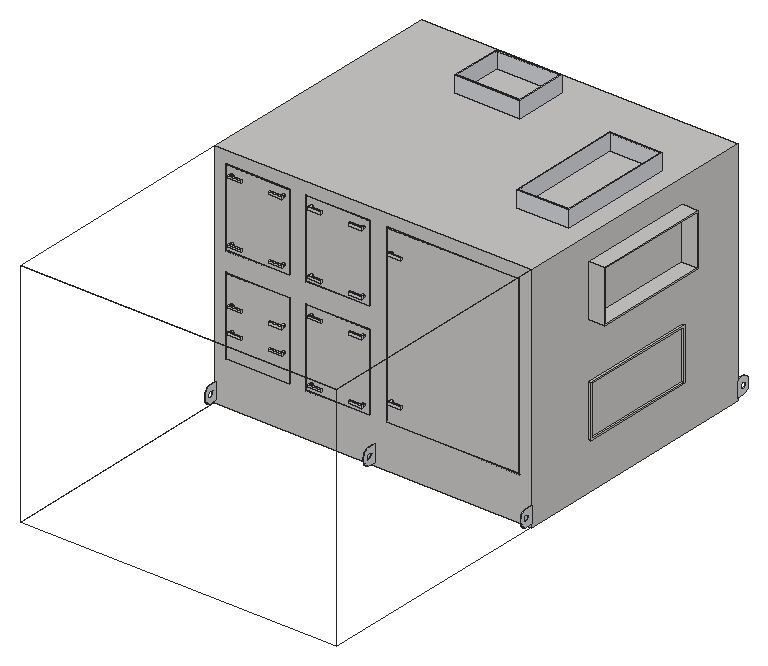
Revit family "DN-3IN-EC-2FP", category Mechanical Equipment, Revit 2019
Family settings
  Round Connector Dimension = Use Diameter
  Part Type = Normal
  OmniClass Number = 23.75.00.00
  OmniClass Title = Climate Control (HVAC)
  Work Plane-Based = No
  Always vertical = Yes
  Cut with Voids When Loaded = No
  Shared = No
  Room Calculation Point = No
Parameters (values of type "2 @ 2.70 kW ea.")
  Voltage [instance] = "200-240 V"
  Unit Weight Range (lbs) [instance] = "2300-2850 lbs."
  Max. Shipping Weight (lbs) [instance] = "2525-3075 lbs."
  Unit Dimensions (L x W x H) [instance] = "101-1/2\" x 86-5/8\" x 71-7/8\""
  Shipping Dimensions (L x W x H) [instance] = "120\" x 90\" x 77\""
  Unit [instance] = Renewaire - Galvanized Steel
  URL = "www.renewaire.com"
  Typical Airflow Range = "750-3,300 CFM"
  Standard Features [instance] = "EC Motors for both airstreams, Direct drive backward inclined plenum, Higher ESP of up to 2.5\" w.g. at 3,000 CFM, Integrated programmable controls, True 100% face and bypass enthalpy based modulating economizer, Class 1 low leakage motorized isolation dampers, Stainless steel double-sloped drain pan with cooling option, 1\" Double wall foam injected 20 gauge galvanized panel construction with R6.5 insulation"
  Service Area Visibility [instance] = yes
  Service Area Box [instance] = Renewaire - Interference
  Revit Object Download Link [instance] = ""
  Phase [instance] = "Three"
  Options [instance] = "DX, heat pump, or chilled water cooling coil, Modulating hot gas reheat, Steam or hot water coil, Onboard variable frequency drives (VFDs) - both airstreams, Fused disconnect, Spring isolators (VFDs only), 2\" Double wall foam injected 20 gauge galvanized panel construction with R13 insulation, Exterior paint - grey, white, custom color, BACNET factory activation, GFCI convenience outlet, Recirculation damper, Drain overflow switch, Electrofin coating for coils"
  Number Motors [instance] = "Qty. 2, Direct drive motorized impeller packages"
  Model = "DN-3IN-2FP-EC"
  Minimum Circuit Amps [instance] = "19.4 A"
  Maximum Overcurrent Protection [instance] = "25 A"
  Manufacturer = "Renewaire LLC"
  Inlets/Outlets [instance] = "OA & RA Inlets: 36\" x 16\", SA Outlet: 24\" x 16\", EA Outlet: 20\" x 16\""
  Frequency [instance] = "50/60 Hz"
  Filters [instance] = "Total qty. 6, MERV 8: 20\" x 20\" x 2\""
  FLA per Motor [instance] = "8.6-7.2"
  Energy Recovery Type [instance] = "Static plate total energy transfer"
  Description = "Energy Recovery Ventilator"
  Accessories [instance] = "Filters - MERV 13, 2\"  and 4\" (shipped loose), MERV 14, 2\" and 4\" (shipped loose), Additional filters available upon request, Duct mounted electric pre-heater (separately powered), Carbon dioxide sensor/control - wall mount (CO2-W), duct mount (CO2-D), IAQ sensor - wall mount (IAQ-W), duct mount (IAQ-D), Motion occupancy sensor/control - ceiling mount (MC-C), wall mount (MC-W), Smoke detector, Room temperature and humidity sensor, Duct static pressure sensor with display to 10\", without display 0-2\", Room pressure sensor with display to 1\", without display 0-1\", Waterless trap negative pressure, Waterless trap positive pressure, Remote display"
  AHRI 1060 Certified Core [instance] = "Three L-125-G5"
Types (6): name | Voltage | Minimum Circuit Amps | Maximum Overcurrent Protection | FLA per Motor
  (no name) | "200-240 V" | "19.4 A" | "25 A" | "8.6-7.2"
  2 @ 2.70 kW ea. | "200-240 V" | "19.4 A" | "25 A" | "8.6-7.2"
  2 @ 3.70 kW ea. | "380-480 V" | "13.5 A" | "15 A" | "6.0-4.6"
  2 @ 5HP ea. 208-230V | "208-230 V" | "31.3 A" | "45 A" | "13.9-13.4/6.7"
  2 @ 5HP ea. 460V | "460V" | "15.1 A" | "20 A" | "6.7"
  2 @ 5HP ea. 575V | "575V" | "11.9 A" | "15 A" | "5.3"
Reference planes (in)
  plane 1 "Center (Front/Back)": y = 0
  plane 2: z = 0
  plane 3 "Center (Left/Right)": x = 0
  plane 4: y = -39.6875
  plane 5: x = -26.5
Forms (in)
  Extrusion 1, solid, material "Renewaire - Galvanized Steel" <- "Unit"
    sketch origin (0, 0, 0) x (0, 1, 0) y (0, 0, 1)
      loop
        line (38.6875, 70.875) -> (-40.6875, 70.875) -> (-40.6875, 0) -> (38.6875, 0) -> (38.6875, 70.875)
    from 70.875 to -26.5
  Extrusion 2, void
    sketch origin (0, 0, 0) x (1, 0, 0) y (0, 0, 1)
      loop
        line (-3.23221, 67.32399) -> (-23.2322, 67.32399) -> (-23.2322, 43.32172) -> (-3.23221, 43.32172) -> (-3.23221, 67.32399)
      loop
        line (21.2974, 67.32399) -> (1.2974, 67.32399) -> (1.2974, 43.32172) -> (21.2974, 43.32172) -> (21.2974, 67.32399)
      loop
        line (67.20649, 67.32399) -> (26.2065, 67.32399) -> (26.2065, 13.32173) -> (67.20649, 13.32173) -> (67.20649, 67.32399)
      loop
        line (-3.23221, 37.32286) -> (-23.2322, 37.32286) -> (-23.2322, 13.3206) -> (-3.23221, 13.3206) -> (-3.23221, 37.32286)
      loop
        line (21.2974, 37.32286) -> (1.2974, 37.32286) -> (1.2974, 13.3206) -> (21.2974, 13.3206) -> (21.2974, 37.32286)
    from 41.6875 to 39.6875
  Extrusion 3, solid, material "Renewaire - Galvanized Steel" <- "Unit"
    sketch origin (0, -1.04504, 1.25231) x (0, 1, 0) y (0, 0, 1)
      loop
        line (12.02253, 30.88417) -> (-11.97747, 30.88417) -> (-11.97747, 14.88417) -> (12.02253, 14.88417) -> (12.02253, 30.88417)
      loop
        line (11.77253, 30.63417) -> (-11.72747, 30.63417) -> (-11.72747, 15.13417) -> (11.77253, 15.13417) -> (11.77253, 30.63417)
    from -26.5 to -27.5
  Extrusion 4, solid, material "Renewaire - Galvanized Steel" <- "Unit"
    sketch origin (0, -1.04504, 3) x (0, 1, 0) y (0, 0, 1)
      loop
        line (-17.97746, 27.82167) -> (-17.97746, 11.82167) -> (18.02254, 11.82167) -> (18.02254, 27.82167) -> (-17.97746, 27.82167)
      loop
        line (-17.72746, 27.57167) -> (-17.72746, 12.07167) -> (17.77254, 12.07167) -> (17.77254, 27.57167) -> (-17.72746, 27.57167)
    from 71.875 to 70.875
  Extrusion 5, solid, material "Renewaire - Galvanized Steel" <- "Unit"
    sketch origin (0, -1.04504, 2) x (0, 1, 0) y (0, 0, 1)
      loop
        line (-17.97746, 61.86166) -> (-17.97746, 45.86166) -> (18.02254, 45.86166) -> (18.02254, 61.86166) -> (-17.97746, 61.86166)
      loop
        line (-17.72746, 61.61166) -> (-17.72746, 46.11166) -> (17.77254, 46.11166) -> (17.77254, 61.61166) -> (-17.72746, 61.61166)
    from 76 to 70.875
  Extrusion 6, solid, material "Renewaire - Galvanized Steel" <- "Unit"
    sketch origin (-0.94821, 0, 2.00006) x (1, 0, 0) y (0, 0, 1)
      loop
        line (22.23876, 61.82394) -> (2.23875, 61.82394) -> (2.23875, 45.82395) -> (22.23876, 45.82395) -> (22.23876, 61.82394)
      loop
        line (21.98876, 61.57394) -> (2.48875, 61.57394) -> (2.48875, 46.07395) -> (21.98876, 46.07395) -> (21.98876, 61.57394)
    from -38.6875 to -43.6875
  Extrusion 7, void
    sketch origin (0, 0, 0) x (1, 0, 0) y (0, 1, 0)
      loop
        line (-24.5, 36.6875) -> (-24.5, -38.6875) -> (68.875, -38.6875) -> (68.875, 36.6875) -> (-24.5, 36.6875)
    from -1 to 6
  Extrusion 8, void
    sketch origin (0, 0, 0) x (1, 0, 0) y (0, 1, 0)
      loop
        line (64.82319, 17.02251) -> (48.8232, 17.02251) -> (48.8232, -18.97749) -> (64.82319, -18.97749) -> (64.82319, 17.02251)
      loop
        line (-2.4055, 11.02929) -> (-18.4055, 11.02929) -> (-18.4055, -12.97071) -> (-2.4055, -12.97071) -> (-2.4055, 11.02929)
    from 4 to 6.125
  Extrusion 9, solid, material "Renewaire - Interference" <- "Service Area Box"
    sketch origin (0, 0, 0) x (1, 0, 0) y (0, 1, 0)
      loop
        line (-26.5, -40.6875) -> (-26.5, -115.6875) -> (70.875, -115.6875) -> (70.875, -40.6875) -> (-26.5, -40.6875)
    from 0 to 70.875
  Extrusion 10, solid
    sketch origin (0, 0, 0) x (1, 0, 0) y (0, 1, 0)
      loop
        line (2.27522, 15.62747) -> (22.2752, 15.62747) -> (22.2752, 31.62747) -> (2.27522, 31.62747) -> (2.27522, 15.62747)
      loop
        line (2.52522, 31.37747) -> (2.52522, 15.87747) -> (22.0252, 15.87747) -> (22.0252, 31.37747) -> (2.52522, 31.37747)
    from 70.875 to 75.875
  Extrusion 11, solid
    sketch origin (0, 0, 0) x (1, 0, 0) y (0, 1, 0)
      loop
        line (48.8232, 17.02251) -> (48.8232, -18.97749) -> (64.87498, -18.97749) -> (64.87498, 17.02251) -> (48.8232, 17.02251)
      loop
        line (49.0732, 16.77251) -> (49.0732, -18.72749) -> (64.62498, -18.72749) -> (64.62498, 16.77251) -> (49.0732, 16.77251)
    from 70.875 to 75.875
  Extrusion 12, solid, material "Renewaire - Galvanized Steel" <- "Unit"
    sketch origin (0, 0, 0) x (1, 0, 0) y (0, 0, 1)
      loop
        line (-22.9822, 67.07399) -> (-22.9822, 43.57172) -> (-3.48221, 43.57172) -> (-3.48221, 67.07399) -> (-22.9822, 67.07399)
      loop
        line (1.5474, 67.07399) -> (1.5474, 43.57172) -> (21.0474, 43.57172) -> (21.0474, 67.07399) -> (1.5474, 67.07399)
      loop
        line (-22.9822, 37.07286) -> (-22.9822, 13.5706) -> (-3.48221, 13.5706) -> (-3.48221, 37.07286) -> (-22.9822, 37.07286)
      loop
        line (1.5474, 37.07286) -> (1.5474, 13.5706) -> (21.0474, 13.5706) -> (21.0474, 37.07286) -> (1.5474, 37.07286)
      loop
        line (26.4565, 67.07399) -> (26.4565, 13.57173) -> (66.95649, 13.57173) -> (66.95649, 67.07399) -> (26.4565, 67.07399)
    from 39.6875 to 40.6875
Cuts and joins
  Extrusion 2, Extrusion 7, Extrusion 8 cuts Extrusion 1
Dimensions and locks (in)
  aligned and locked: level to plane 2
  aligned and locked: Extrusion 5 to cut or joined group of Extrusion 1, Extrusion 2, Extrusion 7, Extrusion 8
  aligned and locked: Extrusion 6 to cut or joined group of Extrusion 1, Extrusion 2, Extrusion 7, Extrusion 8
  aligned and locked: cut or joined group of Extrusion 1, Extrusion 2, Extrusion 7, Extrusion 8 to Extrusion 9 sketch curve
  aligned and locked: Extrusion 9 sketch curve to cut or joined group of Extrusion 1, Extrusion 2, Extrusion 7, Extrusion 8
  aligned and locked: Extrusion 9 to level
Nested families (in)
  nested 1: "Handle" at (-5.33426, -40.6875, 64.71643), type "Handle"
    with Right Handle no, Left Handle yes, Flip yes
  nested 2: "Handle" at (-5.33426, -40.6875, 45.71643), type "Handle"
    with Right Handle no, Left Handle yes, Flip yes
  nested 3: "Handle" at (-21.24744, -40.6875, 64.71643) x (-1, 0, 0) z (0, 0, 1), type "Handle"
    with Right Handle no, Left Handle yes, Flip yes
  nested 4: "Handle" at (-21.24744, -40.6875, 45.71643) x (-1, 0, 0) z (0, 0, 1), type "Handle"
    with Right Handle no, Left Handle yes, Flip yes
  nested 5: "Handle" at (19.19534, -40.6875, 64.71643), type "Handle"
    with Right Handle no, Left Handle yes, Flip yes
  nested 6: "Handle" at (19.19534, -40.6875, 45.71643), type "Handle"
    with Right Handle no, Left Handle yes, Flip yes
  nested 7: "Handle" at (3.28217, -40.6875, 64.71643) x (-1, 0, 0) z (0, 0, 1), type "Handle"
    with Right Handle no, Left Handle yes, Flip yes
  nested 8: "Handle" at (3.28217, -40.6875, 45.71643) x (-1, 0, 0) z (0, 0, 1), type "Handle"
    with Right Handle no, Left Handle yes, Flip yes
  nested 9: "Handle" at (19.19534, -40.6875, 34.7153), type "Handle"
    with Right Handle no, Left Handle yes, Flip yes
  nested 10: "Handle" at (19.19534, -40.6875, 15.7153), type "Handle"
    with Right Handle no, Left Handle yes, Flip yes
  nested 11: "Handle" at (3.28217, -40.6875, 34.7153) x (-1, 0, 0) z (0, 0, 1), type "Handle"
    with Right Handle no, Left Handle yes, Flip yes
  nested 12: "Handle" at (3.28217, -40.6875, 15.7153) x (-1, 0, 0) z (0, 0, 1), type "Handle"
    with Right Handle no, Left Handle yes, Flip yes
  nested 13: "Handle" at (-5.33426, -40.6875, 28.86287), type "Handle"
    with Right Handle no, Left Handle yes, Flip yes
  nested 14: "Handle" at (-5.33426, -40.6875, 21.4653), type "Handle"
    with Right Handle no, Left Handle yes, Flip yes
  nested 15: "Handle" at (-21.24744, -40.6875, 28.86287) x (-1, 0, 0) z (0, 0, 1), type "Handle"
    with Right Handle no, Left Handle yes, Flip yes
  nested 16: "Handle" at (-21.24744, -40.6875, 21.4653) x (-1, 0, 0) z (0, 0, 1), type "Handle"
    with Right Handle no, Left Handle yes, Flip yes
  nested 17: "Lifting Lug" at (-26.25, 38.6875, 0.74993) x (0, 1, 0) z (0, 0, 1), Material <- "Unit", type "Lifting Lug"
    with Material Renewaire - Galvanized Steel
  nested 18: "Lifting Lug" at (22.5, 38.6875, 0.74993) x (0, 1, 0) z (0, 0, 1), Material <- "Unit", type "Lifting Lug"
    with Material Renewaire - Galvanized Steel
  nested 19: "Lifting Lug" at (70.875, 38.6875, 0.74993) x (0, 1, 0) z (0, 0, 1), Material <- "Unit", type "Lifting Lug"
    with Material Renewaire - Galvanized Steel
  nested 20: "Lifting Lug" at (-26.25, -40.6875, 0.74993) x (0, -1, 0) z (0, 0, 1), Material <- "Unit", type "Lifting Lug"
    with Material Renewaire - Galvanized Steel
  nested 21: "Lifting Lug" at (22.5, -40.6875, 0.74993) x (0, -1, 0) z (0, 0, 1), Material <- "Unit", type "Lifting Lug"
    with Material Renewaire - Galvanized Steel
  nested 22: "Lifting Lug" at (70.875, -40.6875, 0.74993) x (0, -1, 0) z (0, 0, 1), Material <- "Unit", type "Lifting Lug"
    with Material Renewaire - Galvanized Steel
  nested 23: "Handle" at (27.90471, -40.6875, 60.57394) x (-1, 0, 0) z (0, 0, 1), type "Handle"
    with Right Handle no, Left Handle yes, Flip yes
  nested 24: "Handle" at (27.90471, -40.6875, 19.59892) x (-1, 0, 0) z (0, 0, 1), type "Handle"
    with Right Handle no, Left Handle yes, Flip yes
Connectors (in)
  hvac at (-27.5, -1.02251, 24.13648)
    settings: on Extrusion 3, index 1, duct flow 0 CFM, flow factor 0, pres drop 0.00 in-wg, loss coef 0, conn angle 0.00°, conn width 24", conn height 16", conn diameter 24", duct sys type 1, conn prof type 1, flow config 0, flow direction 2, loss method 0, conn ref index -1, conn util no, is conn primary yes, conn desc "Supply Air (SA)"
  hvac at (56.8232, -0.97749, 6)
    settings: on cut or joined group of Extrusion 1, Extrusion 2, Extrusion 7, Extrusion 8, index 3, duct flow 0 CFM, flow factor 0, pres drop 0.00 in-wg, loss coef 0, conn angle 0.00°, conn width 36", conn height 16", conn diameter 24", duct sys type 2, conn prof type 1, flow config 0, flow direction 1, loss method 0, conn ref index -1, conn util no, is conn primary no, conn desc "Return Air (RA)"
  hvac at (71.875, -1.0225, 22.82167)
    settings: on Extrusion 4, index 4, duct flow 0 CFM, flow factor 0, pres drop 0.00 in-wg, loss coef 0, conn angle 0.00°, conn width 36", conn height 16", conn diameter 24", duct sys type 2, conn prof type 1, flow config 0, flow direction 1, loss method 0, conn ref index -1, conn util no, is conn primary no, conn desc "Return Air (RA)"
  hvac at (76, -1.0225, 55.86166)
    settings: on Extrusion 5, index 5, duct flow 0 CFM, flow factor 0, pres drop 0.00 in-wg, loss coef 0, conn angle 0.00°, conn width 36", conn height 16", conn diameter 24", duct sys type 4, conn prof type 1, flow config 0, flow direction 1, loss method 0, conn ref index -1, conn util no, is conn primary no, conn desc "Outside Air (AO)"
  hvac at (11.29054, 43.6875, 55.82401)
    settings: on Extrusion 6, index 8, duct flow 0 CFM, flow factor 0, pres drop 0.00 in-wg, loss coef 0, conn angle 0.00°, conn width 20", conn height 16", conn diameter 24", duct sys type 3, conn prof type 1, flow config 0, flow direction 2, loss method 0, conn ref index -1, conn util no, is conn primary no, conn desc "Exhaust Air (EA)"
  hvac at (12.27521, 23.62747, 75.875)
    settings: on Extrusion 10, index 9, duct flow 0 CFM, flow factor 0, pres drop 0.00 in-wg, loss coef 0, conn angle 0.00°, conn width 20", conn height 16", conn diameter 24", duct sys type 3, conn prof type 1, flow config 0, flow direction 2, loss method 0, conn ref index -1, conn util no, is conn primary no, conn desc "Exhaust Air (EA)"
  hvac at (56.84909, -0.97749, 75.875)
    settings: on Extrusion 11, index 10, duct flow 0 CFM, flow factor 0, pres drop 0.00 in-wg, loss coef 0, conn angle 0.00°, conn width 16", conn height 36", conn diameter 24", duct sys type 4, conn prof type 1, flow config 0, flow direction 1, loss method 0, conn ref index -1, conn util no, is conn primary no, conn desc "Outside Air (AO)"
  hvac at (-10.4055, -0.97071, 6.125)
    settings: on cut or joined group of Extrusion 1, Extrusion 2, Extrusion 7, Extrusion 8, index 11, duct flow 0 CFM, flow factor 0, pres drop 0.00 in-wg, loss coef 0, conn angle 0.00°, conn width 16", conn height 24", conn diameter 24", duct sys type 1, conn prof type 1, flow config 0, flow direction 2, loss method 0, conn ref index -1, conn util no, is conn primary no, conn desc "Supply Air (SA)"
Definition of nested family "Handle"
  Parameters (values of type "Handle")
    Right Handle [instance] = not(Flip)  # no
    Material = none
    Left Handle [instance] = Flip  # yes
    Flip [instance] = yes
  Reference planes (in)
    plane 1 "Center (Front/Back)": y = 0
    plane 2: z = 0
    plane 3 "Center (Left/Right)": x = 0
  Forms (in)
    Extrusion 1, solid, material <- "Material"
      sketch origin (0, 0, 0) x (1, 0, 0) y (0, 0, 1)
        loop
          circle (0, 0) r 0.375
      from 0 to 0.75
    Extrusion 2, solid, material <- "Material", visible <- "Right Handle"
      sketch origin (0, 0, 0) x (1, 0, 0) y (0, 1, 0)
        loop
          line (-0.375, -0.75) -> (-0.375, -1.25) -> (3.625, -1.25) -> (3.625, -0.75) -> (-0.375, -0.75)
      from -0.375 to 0.375
    Extrusion 3, solid, material <- "Material", visible <- "Left Handle"
      sketch origin (-3.25, 0, 0) x (1, 0, 0) y (0, 1, 0)
        loop
          line (-0.375, -0.75) -> (-0.375, -1.25) -> (3.625, -1.25) -> (3.625, -0.75) -> (-0.375, -0.75)
      from -0.375 to 0.375
  Dimensions and locks (in)
    aligned and locked: plane 2 to level
Definition of nested family "Lifting Lug"
  Parameters (values of type "Lifting Lug")
    Material [instance] = none
  Reference planes (in)
    plane 1 "Center (Front/Back)": y = 0
    plane 2: z = 0
    plane 3 "Center (Left/Right)": x = 0
  Forms (in)
    Extrusion 1, solid
      sketch origin (0, 0, 0) x (1, 0, 0) y (0, 0, 1)
        loop
          line (0, 0.1875) -> (2, 0.1875)
          arc (2, 0.1875) -> (3.41421, 0.77329) -> (4, 2.1875) r 2
          line (4, 2.1875) -> (4, 3.1875)
          arc (4, 3.1875) -> (3.41421, 4.60171) -> (2, 5.1875) r 2
          line (2, 5.1875) -> (0, 5.1875) -> (0, 0.1875)
        loop
          circle (2.125, 2.6875) r 1
      from 0 to 0.25
  Dimensions and locks (in)
    aligned and locked: plane 2 to level
